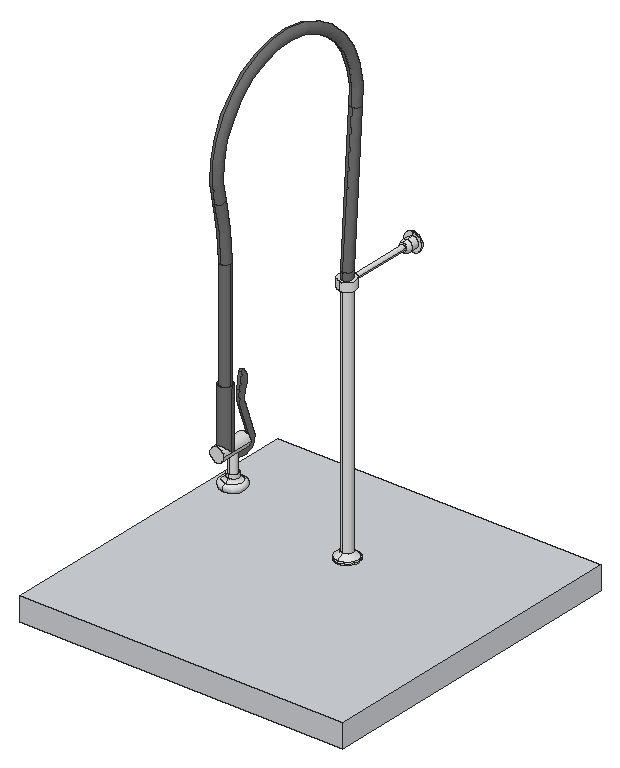
Revit family
Parameters (values of type "TF80H-S")
  WELSRating_ANZRS = "6 star"
  URL = "www.galvinengineering.com.au"
  Type Comments = "Ezy-Wash Pre-Rinse"
  StyleOrType_ANZRS = "Plumbing Fixture"
  PlumbingMaterial_ANZRS = Metal_Taps_DR-Brass-with-Chrome-Finish_10800
  Outlet = "1000mm long high pressure hose with swivel ends"
  ModifiedIssue_ANZRS = 20120721.01  # constant formula
  Model = "TF80H-S"
  Manufacturer = "Galvin Engineering"
  Keynote = "15400"
  Instructions = "http://www.galvinengineering.com.au/Installation_Guides_1.aspx"
  Inlet = "15mm BSP Male"
  FlowRate = 0.075 L/s
  FlexibleHoseMaterial = Rubber_Taps_Black-with-Spring_10800
  FilterObject_ANZRS = "Ezy-Wash"
  DimInletRadius = 7.5 mm  # constant formula
  DimHeight = 1100 mm  # constant formula
  DimAdjustableLength [instance] = 180 mm
  Description = "Hob Mounted Pre-Rinse Unit Type 80H"
  Default Elevation = 900 mm
  CreatedBy_ANZRS = "Galvin Engineering"
  CreatedByURL_ANZRS = "www.galvinengineering.com.au"
  CreatedByPhoneNo_ANZRS = "61-8-92495900"
  Assembly Code = "D2010"
Reference planes
  plane 1 "Back": y = 0
  plane 2 "Face": z = 0
  plane 3 "Center (Left/Right)": x = 0
  plane 4 "Top": z = 1100
  plane 5 "CutLength": y = 180
  plane 6: y = 152.411
  plane 7 "Outlet2": z = 275
  plane 8 "Front": y = -310.475
  plane 9: z = 484.2
Forms (mm)
  Extrusion 1, solid
    sketch origin (0, -719.2, 0) x (1, 0, 0) y (0, 1, 0)
      loop
        line (-350, 969.2) -> (-350, 269.2) -> (350, 269.2) -> (350, 969.2) -> (-350, 969.2)
    from 0 to -50
  Revolve 2, solid, material "Metal_Taps_DR-Brass-with-Chrome-Finish_10800" <- "PlumbingMaterial_ANZRS"
    sketch origin (0, 0, 0) x (0, 1, 0) y (0, 0, 1)
      loop
        line (0, 545.7) -> (-19, 545.7) -> (-19, 527.7) -> (-11.1, 527.7) -> (-11.1, 14.3) -> (-12.2, 14.3) -> (-24.082, 4.295)
        arc (-24.082, 4.295) -> (-24.87, 3.266) -> (-25.15, 2) r 3
        line (-25.15, 2) -> (-25.15, 0) -> (0, 0) -> (0, 545.7)
      axis (0, 545.7) -> (0, 0)
    angle from 0 to 360
  Revolve 3, solid, material "Metal_Taps_DR-Brass-with-Chrome-Finish_10800" <- "PlumbingMaterial_ANZRS"
    sketch origin (0, 182.495, 4.168) x (0, 0, 1) y (0, -1, 0)
      loop
        line (532.575, 30.084) -> (523.865, 30.084) -> (520.575, 21.522) -> (520.575, 4.495) -> (512.575, 4.495) -> (512.575, 2.495) -> (532.575, 2.495) -> (532.575, 30.084)
      axis (532.575, 30.084) -> (532.575, 2.495)
    angle from 0 to 360
  Revolve 4, solid, material "Metal_Taps_DR-Brass-with-Chrome-Finish_10800" <- "PlumbingMaterial_ANZRS"
    sketch origin (0, 76, -171.022) x (0, 0, 1) y (0, -1, 0)
      loop
        line (475.022, 398.475) -> (468.022, 398.475)
        arc (468.022, 398.475) -> (462.365, 400.818) -> (460.022, 406.475) r 8
        arc (460.022, 406.475) -> (453.022, 413.475) -> (446.022, 406.475) r 7
        line (446.022, 406.475) -> (446.022, 386.475) -> (526.522, 386.475) -> (526.522, 395.725) -> (475.022, 395.725) -> (475.022, 398.475)
      axis (526.522, 386.475) -> (446.022, 386.475)
    angle from 0 to 360
  Extrusion 5, solid, material "Metal_Taps_DR-Brass-with-Chrome-Finish_10800" <- "PlumbingMaterial_ANZRS"
    sketch origin (0, 320.428, 421.926) x (1, 0, 0) y (0, 0, 1)
      loop
        circle (0, -66.426) r 15
    from 601.678 to 673.678
  Extrusion 6, solid, material "Metal_Taps_DR-Brass-with-Chrome-Finish_10800" <- "PlumbingMaterial_ANZRS"
    sketch origin (0, -573.749, 470.699) x (1, 0, 0) y (0, 0, -1)
      loop
        circle (0, -66.426) r 5
    from 573.749 to 726.16
  Extrusion 7, solid, material "Rubber_Taps_Black_10800"
    sketch origin (0, 76.937, -171.022) x (0, 0, 1) y (0, -1, 0)
      loop
        arc (627.956, 372.705) -> (613.482, 373.415) -> (599.326, 370.32) r 55
        line (599.326, 370.32) -> (532.028, 345.957)
        arc (532.028, 345.957) -> (518.289, 346.32) -> (511.522, 358.283) r 13.957
        line (511.522, 358.283) -> (511.522, 378.095) -> (491.645, 378.095)
        arc (491.645, 378.095) -> (497.617, 375.265) -> (498.15, 368.678) r 6.607
        arc (498.15, 368.678) -> (502.572, 340.003) -> (530.803, 333.309) r 25.979
        line (530.803, 333.309) -> (598.627, 358.859)
        arc (598.627, 358.859) -> (609.29, 360.397) -> (619.611, 357.306) r 25
        arc (619.611, 357.306) -> (641.346, 352.239) -> (662.465, 359.455) r 40.5
        arc (662.465, 359.455) -> (664.088, 363.585) -> (660.899, 366.672) r 4
        line (660.899, 366.672) -> (627.956, 372.705)
    from -2.5 to 2.5
  Extrusion 8, solid, material "Rubber_Taps_Black_10800"
    sketch origin (0, 0, 0) x (1, 0, 0) y (0, 1, 0)
      loop
        circle (0, -330.783) r 15
    from 355.5 to 484.2
  Extrusion 9, solid, material "Rubber_Taps_Black_10800"
    sketch origin (0, 0, 0) x (1, 0, 0) y (0, 1, 0)
      loop
        circle (0, -330.783) r 11.1
    from 484.2 to 721.835
  Sweep 10, solid, material "Rubber_Taps_Black-with-Spring_10800" <- "FlexibleHoseMaterial"
    path origin (0, 76, 16) x (0, 0, 1) y (0, -1, 0)
      loop
        line (529.7, 76) -> (545.249, 76)
        arc (545.249, 76) -> (700.983, 70.392) -> (855.911, 53.595) r 2165
        arc (855.911, 53.595) -> (1072.504, 253.639) -> (831.946, 424.115) r 189.76
        arc (831.946, 424.115) -> (769.483, 411.136) -> (705.835, 406.783) r 467.457
    profile origin (0, 0, 553.475) x (0, -1, 0) y (1, 0, 0)
      loop
        circle (0, 0) r 11.1
Cuts and joins
  joined: Revolve 4, Extrusion 5
  joined: Revolve 2, Extrusion 6
Dimensions and locks
  "DimHeight": plane 4 "Top" to plane 2 "Face"
  "DimAdjustableLength": plane 5 "CutLength" to plane 1 "Back"
  locked: plane 5 "CutLength" to plane 6 at 27.589
  locked: plane 1 "Back" to plane 8 "Front" at 310.475
  locked: plane 7 "Outlet2" to plane 2 "Face" at 275
  aligned and locked: plane 2 "Face" to Extrusion 1
  aligned and locked: level to Extrusion 1
  aligned and locked: plane 5 "CutLength" to Revolve 3
  aligned and locked: Extrusion 6 to plane 6
  aligned and locked: Revolve 3 to plane 6
  aligned and locked: plane 1 "Back" to Extrusion 6
Automatic sketch dimensions
  Extrusion 1 sketch curve to Extrusion 1 sketch curve = 700 mm  (x2)
  Revolve 3 sketch curve to plane 5 "CutLength" = 0 mm
  level to Revolve 3 sketch curve = 516.743 mm
  Revolve 3 sketch curve to plane 5 "CutLength" = 2 mm
  Revolve 3 sketch curve to Revolve 3 sketch curve = 8 mm
  Revolve 3 sketch curve to plane 5 "CutLength" = 27.589 mm
  Revolve 3 sketch curve to Revolve 3 sketch curve = 3.29 mm
  Revolve 3 sketch curve to Revolve 3 sketch curve = 8.71 mm
  Revolve 3 sketch curve to Revolve 3 sketch curve = 0 mm
  Revolve 3 sketch curve to Revolve 3 sketch curve = 8.344 mm
  Revolve 3 sketch curve to Revolve 3 sketch curve = 12.589 mm
  Revolve 3 sketch curve to Revolve 3 sketch curve = 8.562 mm
  level to Revolve 4 sketch curve = 260 mm
  Revolve 4 sketch curve to Revolve 4 sketch curve = 15 mm
  Revolve 4 sketch curve to Revolve 4 sketch curve = 7 mm  (x2)
  Revolve 4 sketch curve to Revolve 4 sketch curve = 0 mm  (x2)
  Revolve 4 sketch curve to Revolve 4 sketch curve = 8 mm
  Revolve 4 sketch curve to Revolve 4 sketch curve = 6 mm
  Revolve 4 sketch curve to Revolve 4 sketch curve = 45.5 mm
  plane 1 "Back" to Revolve 4 sketch curve = 310.475 mm
  Revolve 4 sketch curve to Revolve 4 sketch curve = 9.25 mm
  Revolve 4 sketch curve to Revolve 4 sketch curve = 2.75 mm
  Extrusion 5 sketch curve to plane 3 "Center (Left/Right)" = 0 mm
  level to Extrusion 5 sketch curve = 355.5 mm
  plane 3 "Center (Left/Right)" to Extrusion 6 sketch curve = 0 mm
  level to Extrusion 6 sketch curve = 537.125 mm
  Extrusion 7 sketch curve to plane 8 "Front" = 9.317 mm
  level to Extrusion 7 sketch curve = 320.624 mm
  Extrusion 7 sketch curve to Extrusion 7 sketch curve = 0.536 mm
  Extrusion 7 sketch curve to Extrusion 7 sketch curve = 5.969 mm
  Extrusion 7 sketch curve to Extrusion 7 sketch curve = 13.372 mm
  Extrusion 7 sketch curve to Extrusion 7 sketch curve = 10.139 mm
  Extrusion 7 sketch curve to Extrusion 7 sketch curve = 3.819 mm
  Extrusion 7 sketch curve to plane 8 "Front" = 54.104 mm
  Extrusion 7 sketch curve to Extrusion 7 sketch curve = 5.324 mm
  Extrusion 7 sketch curve to Extrusion 7 sketch curve = 1.225 mm
  Extrusion 7 sketch curve to plane 8 "Front" = 28.554 mm
  Extrusion 7 sketch curve to Extrusion 7 sketch curve = 66.6 mm
  Extrusion 7 sketch curve to plane 8 "Front" = 17.093 mm
  Extrusion 7 sketch curve to Extrusion 7 sketch curve = 0.699 mm
  Extrusion 7 sketch curve to Extrusion 7 sketch curve = 8.819 mm
  Extrusion 7 sketch curve to Extrusion 7 sketch curve = 10.602 mm
  Extrusion 7 sketch curve to Extrusion 7 sketch curve = 20.983 mm
  Extrusion 7 sketch curve to Extrusion 7 sketch curve = 0 mm
  Extrusion 7 sketch curve to plane 8 "Front" = 14.708 mm
  Extrusion 7 sketch curve to Extrusion 7 sketch curve = 8.345 mm
  plane 8 "Front" to Extrusion 7 sketch curve = 5.276 mm
  Extrusion 7 sketch curve to Extrusion 7 sketch curve = 11.362 mm
  Extrusion 7 sketch curve to Extrusion 7 sketch curve = 32.223 mm
  Extrusion 7 sketch curve to plane 8 "Front" = 20.741 mm
  Extrusion 7 sketch curve to Extrusion 7 sketch curve = 0.721 mm
  Extrusion 7 sketch curve to Extrusion 7 sketch curve = 2.286 mm
  Extrusion 7 sketch curve to Extrusion 7 sketch curve = 12.648 mm
  Extrusion 7 sketch curve to Extrusion 7 sketch curve = 0.657 mm
  Extrusion 8 sketch curve to plane 3 "Center (Left/Right)" = 0 mm
  plane 8 "Front" to Extrusion 8 sketch curve = 20.308 mm
  Extrusion 9 sketch curve to plane 3 "Center (Left/Right)" = 0 mm
  plane 8 "Front" to Extrusion 9 sketch curve = 20.308 mm
  Sweep 10 sketch curve to plane 1 "Back" = 0 mm
  plane 9 to Sweep 10 sketch curve = 61.5 mm
  Sweep 10 sketch curve to Sweep 10 sketch curve = 15.548 mm
  plane 8 "Front" to Sweep 10 sketch curve = 20.308 mm
  plane 9 to Sweep 10 sketch curve = 237.635 mm
  plane 8 "Front" to Sweep 10 sketch curve = 37.64 mm
  Sweep 10 sketch curve to Sweep 10 sketch curve = 126.111 mm
  Sweep 10 sketch curve to Sweep 10 sketch curve = 0 mm
  Sweep 10 sketch curve to plane 1 "Back" = 22.405 mm
  Sweep 10 sketch curve to Sweep 10 sketch curve = 310.662 mm
  Sweep 10 sketch curve to profile plane = 0 mm  (x2)
  Revolve 2 sketch curve to level = 0 mm
  Revolve 2 sketch curve to plane 1 "Back" = 0 mm  (x2)
  plane 1 "Back" to Revolve 2 sketch curve = 11.1 mm
  Revolve 2 sketch curve to Revolve 2 sketch curve = 1.1 mm
  Revolve 2 sketch curve to Revolve 2 sketch curve = 7.9 mm
  level to Revolve 2 sketch curve = 2 mm
  Revolve 2 sketch curve to Revolve 2 sketch curve = 9.95 mm
  Revolve 2 sketch curve to Revolve 2 sketch curve = 1.932 mm
  Revolve 2 sketch curve to Revolve 2 sketch curve = 3 mm
  Revolve 2 sketch curve to level = 20 mm
  Revolve 2 sketch curve to Revolve 2 sketch curve = 2 mm
  level to Revolve 2 sketch curve = 14.3 mm
  plane 9 to Revolve 2 sketch curve = 43.5 mm
  Revolve 2 sketch curve to Revolve 2 sketch curve = 18 mm
  radius of Extrusion 5 sketch curve = 15 mm
  radius of Extrusion 6 sketch curve = 5 mm
  radius of Extrusion 8 sketch curve = 15 mm
  radius of Extrusion 9 sketch curve = 11.1 mm
  radius of Sweep 10 sketch curve = 11.1 mm
Connectors
  piping at (0, 0, 0), driven by "FlowRate", driven by "DimInletRadius"
    settings: on Revolve 2, index 1, connector radius 0.29528", flow factor 0, pipe flow 0.075 L/s, pressure drop 0.00 psi, fitting loss kfactor 0, connector angle 0.00°, fixture units 0, flow configuration 1, flow direction 1, fitting loss method 4, system type 20, connector reference index -1, connector utility 0, adjustable connector no, is connector primary yes, fitting loss table "", connector description "Inlet"
